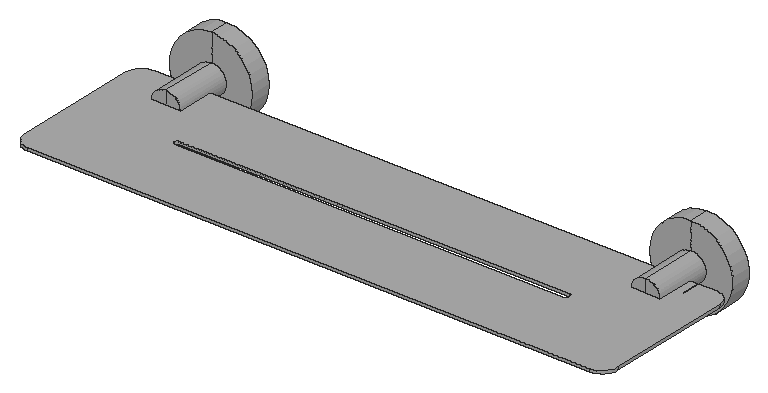
Revit family "Reece_Accessory_Milli_Inox_Shelf", category Plumbing Fixtures, host Face, Revit 2018
Family settings
  Host = Face
  Round Connector Dimension = Use Diameter
  Part Type = Normal
  Cut with Voids When Loaded = Yes
  Shared = Yes
  Room Calculation Point = Yes
Parameters (values of type "Brushed Stainless Steel")
  URL = "https://www.reece.com.au/product/-2259618"
  Type Comments = "Accessory"
  Reece_Product_Web Page = "https://www.reece.com.au/product/-2259618"
  Reece_Product_Type = "Accessory"  # constant formula
  Reece_Product_Sub Brand = "Inox"  # constant formula
  Reece_Product_Number = "2259618"
  Reece_Product_Mount = "Wall Mounted"
  Reece_Product_Description = "Milli Inox Shelf Stainless Steel"
  Reece_Product_Brand = "Milli"  # constant formula
  Reece_Overall_Width = 120 mm  # constant formula
  Reece_Overall_Length = 450 mm  # constant formula
  Reece_Material_Main = Reece_Brass_Brushed Stainless Steel
  Reece_Height_From_Level [instance] = 1000 mm
  Reece_Detail_Shape = ""
  Reece_Detail_Installation = ""
  Reece_Detail_Disclaimer = "THIS FILE IS THE PROPERTY OF THE REECE GROUP. IT MAY NOT BE REPRODUCED, REVERSE-ENGINEERED OR MODIFIED. ANY REPUBLICATION, TRANSMISSION OR DISTRIBUTION FOR THE PURPOSE OF COMMERCIALLY EXPLOITING THE FILES IS PROHIBITED."  # constant formula
  Reece_Detail_Connector = ""
  Reece_Detail_Additional = ""
  Model = "Inox"
  Manufacturer = "Milli"
  Keynote = "Product #2259618, Reece_Accessory_Milli_Inox_Shelf - Brushed Stainless Steel"
  Disclaimer = "THIS FILE IS THE PROPERTY OF THE REECE GROUP. IT MAY NOT BE REPRODUCED, REVERSE-ENGINEERED OR MODIFIED. ANY REPUBLICATION, TRANSMISSION OR DISTRIBUTION FOR THE PURPOSE OF COMMERCIALLY EXPLOITING THE FILES IS PROHIBITED."  # constant formula
  Description = "Milli Inox Shelf Stainless Steel"
  Default Elevation = 0 mm
Types (2, lengths in mm): name | Keynote
  (no name) | "Product #2259618, Reece_Accessory_Milli_Inox_Shelf -  "
  Brushed Stainless Steel | "Product #2259618, Reece_Accessory_Milli_Inox_Shelf - Brushed Stainless Steel"
Reference planes
  plane 1 "Center (Front/Back)": y = 0
  plane 2 "Bottom Host Plane": z = -5
  plane 3 "Center (Left/Right)": x = 0
  plane 4 "Fixing Point": z = 1000
  plane 5: x = 225
  plane 6: y = -150
Forms (mm)
  Extrusion 1, solid, material "Reece_Brass_Brushed Stainless Steel"
    sketch origin (0, 0, 1000) x (0, -1, 0) y (1, 0, 0)
      loop
        line (30, 213) -> (30, -213)
        arc (30, -213) -> (33.515, -221.485) -> (42, -225) r 12
        line (42, -225) -> (138, -225)
        arc (138, -225) -> (146.485, -221.485) -> (150, -213) r 12
        line (150, -213) -> (150, 213)
        arc (150, 213) -> (146.485, 221.485) -> (138, 225) r 12
        line (138, 225) -> (42, 225)
        arc (42, 225) -> (33.515, 221.485) -> (30, 213) r 12
      loop
        arc (87.5, -147.5) -> (88.232, -149.268) -> (90, -150) r 2.5
        arc (90, -150) -> (91.768, -149.268) -> (92.5, -147.5) r 2.5
        line (92.5, -147.5) -> (92.5, 147.5)
        arc (92.5, 147.5) -> (90, 150) -> (87.5, 147.5) r 2.5
        line (87.5, 147.5) -> (87.5, -147.5)
    from -2 to 0
  Revolve 2, solid, material "Reece_Brass_Brushed Stainless Steel"
    sketch origin (-181.85, 0, 0) x (0, 1, 0) y (0, 0, 1)
      loop
        line (0, 998.897) -> (0, 1030.397) -> (-15, 1030.397) -> (-15, 1009.897) -> (-58, 1009.897) -> (-58, 998.897) -> (0, 998.897)
      axis (0, 998.897) -> (-58, 998.897)
    angle from 0 to 360
  Revolve 3, solid, material "Reece_Brass_Brushed Stainless Steel"
    sketch origin (181.85, 0, 0) x (0, 1, 0) y (0, 0, -1)
      loop
        line (0, -998.897) -> (-58, -998.897) -> (-58, -1009.897) -> (-15, -1009.897) -> (-15, -1030.397) -> (0, -1030.397) -> (0, -998.897)
      axis (0, -998.897) -> (-58, -998.897)
    angle from 0 to 360
Cuts and joins
  joined: Extrusion 1, Revolve 2, Revolve 3
Lines and regions (mm)
  model lines, style "InvisibleLines"
    curve 1: line (0, 0, -5) -> (0, 0, 1000)
Text (mm)
  text "Reece ©" at (2686.416, -2227.758, 3102.638), in view "Reece Preview"
  text "Reece Copyright © 2018, Reece Ltd." at (237.204, -259.767, -1020.679), in view "Ref. Level"
Dimensions and locks
  locked: plane 2 "Bottom Host Plane" to level at 5
  "Reece_Height_From_Level": plane 4 "Fixing Point" to level
  "Reece_Overall_Width": cut or joined group of Extrusion 1, Revolve 2, Revolve 3 to plane 6
  "Reece_Overall_Length": cut or joined group of Extrusion 1, Revolve 2, Revolve 3 to plane 5
  locked: Revolve 2 sketch curve to plane 4 "Fixing Point" at 1.103
  locked: plane 4 "Fixing Point" to Revolve 3 sketch curve at 1.103
  aligned and locked: plane 4 "Fixing Point" to curve 1
  aligned and locked: curve 1 to plane 3 "Center (Left/Right)"
Automatic sketch dimensions
  curve 1 to plane 2 "Bottom Host Plane" = 0 mm
  Extrusion 1 sketch curve to Extrusion 1 sketch curve = 0 mm  (x2)
  Extrusion 1 sketch curve to plane 5 = 0 mm
  Extrusion 1 sketch curve to plane 6 = 0 mm
  Extrusion 1 sketch curve to Extrusion 1 sketch curve = 12 mm  (x2)
  plane 6 to Extrusion 1 sketch curve = 12 mm
  plane 6 to Extrusion 1 sketch curve = 57.5 mm
  Extrusion 1 sketch curve to Extrusion 1 sketch curve = 2.5 mm
  plane 5 to Extrusion 1 sketch curve = 12 mm
  plane 1 "Center (Front/Back)" to Extrusion 1 sketch curve = 42 mm
  plane 5 to Extrusion 1 sketch curve = 77.5 mm
  Extrusion 1 sketch curve to plane 3 "Center (Left/Right)" = 147.5 mm
  Extrusion 1 sketch curve to Extrusion 1 sketch curve = 63 mm
  Revolve 2 sketch curve to plane 1 "Center (Front/Back)" = 0 mm
  plane 1 "Center (Front/Back)" to Revolve 2 sketch curve = 15 mm
  plane 4 "Fixing Point" to Revolve 2 sketch curve = 1.103 mm
  Revolve 2 sketch curve to Revolve 2 sketch curve = 43 mm
  Revolve 2 sketch curve to plane 4 "Fixing Point" = 9.897 mm
  Revolve 2 sketch curve to Revolve 2 sketch curve = 20.5 mm
  Revolve 2 sketch curve to Revolve 2 sketch curve = 9.035 mm
  Revolve 2 sketch curve to plane 1 "Center (Front/Back)" = 3.078 mm
  Revolve 3 sketch curve to plane 1 "Center (Front/Back)" = 0 mm
  plane 1 "Center (Front/Back)" to Revolve 3 sketch curve = 15 mm
  plane 4 "Fixing Point" to Revolve 3 sketch curve = 1.103 mm
  Revolve 3 sketch curve to Revolve 3 sketch curve = 43 mm
  Revolve 3 sketch curve to plane 4 "Fixing Point" = 9.897 mm
  Revolve 3 sketch curve to Revolve 3 sketch curve = 20.5 mm
  Revolve 3 sketch curve to Revolve 3 sketch curve = 9.035 mm
  Revolve 3 sketch curve to plane 1 "Center (Front/Back)" = 3.078 mm
